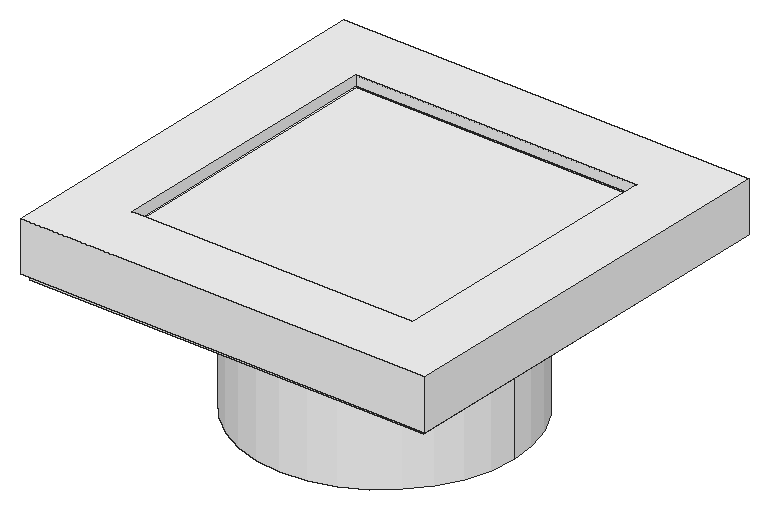
Revit family "Gira_0125005", category Electrical Fixtures, host Face, Revit 2017
Family settings
  Host = Face
  Maintain Annotation Orientation = Yes
  Round Connector Dimension = Use Diameter
  Part Type = Normal
  Cut with Voids When Loaded = No
  Shared = No
  Room Calculation Point = No
Parameters (values of type "PB sw. series sw. System 55 black m")
  White [instance] = White
  URL = "http://katalog.gira.de/en/datenblatt.html?artikelnr=0125005"
  Name = "PB sw. series sw. System 55 black m"
  Model = "Sys55_Komplettgerät_Schalten und Tasten"
  Manufacturer URL = "https://www.gira.de/"
  Manufacturer = "Gira"
  Label space/information surface = "No"
  HeinzeBIM = "https://bimportal.heinze.de/bim/pb-sw-series-sw-system-55-black-m/060bb6d6a651b0364b9c02798b3258384d980ec2"
  HAN = "0125005"
  GTIN = "4010337038016"
  Description = "PB sw.series Sys55 BKm,Pushbutton switch, 10 AX 250 V~ with rocker, 2-gang,Series switch,black matt,"
  Default Elevation = 1219.2 mm
  Data sheet (1) = "https://katalog.gira.de/en/download.html?artikelnr=0125005"
  Category = "Switch"
  BIM (1) = "https://media.stage.bim.site/public/gira/36a6b08/Sys55_Komplettgerät_Schalten und Tasten.rfa?public/gira/36a6b08/Sys55_Komplettgerät_Schalten und Tasten.rfa"
  Available = "No"
Reference planes
  plane 1 "Center (Front/Back)": y = 0
  plane 2: z = 0
  plane 3 "Center (Left/Right)": x = 0
Forms (mm)
  Extrusion 1, solid, material "White" <- "White", detail levels medium
    sketch origin (0, 0, 0) x (1, 0, 0) y (0, 1, 0)
      loop
        line (-40.4, 40.4) -> (-40.4, -40.4) -> (40.4, -40.4) -> (40.4, 40.4) -> (-40.4, 40.4)
      loop
        line (-28, 28) -> (-28, -28) -> (28, -28) -> (28, 28) -> (-28, 28)
    from 0 to 10
  Extrusion 2, solid, material "White" <- "White", detail levels fine
    sketch origin (0, 0, 0) x (1, 0, 0) y (0, 1, 0)
      loop
        line (-40.4, 40.4) -> (-40.4, -40.4) -> (40.4, -40.4) -> (40.4, 40.4) -> (-40.4, 40.4)
      loop
        line (-28, 28) -> (-28, -28) -> (28, -28) -> (28, 28) -> (-28, 28)
    from 0 to 10
  Extrusion 3, void
    sketch origin (0, 0, 0) x (1, 0, 0) y (0, 1, 0)
      loop
        line (-38.4, 38.4) -> (-38.4, -38.4) -> (38.4, -38.4) -> (38.4, 38.4) -> (-38.4, 38.4)
    from 0 to 8
  Extrusion 4, solid, material "White" <- "White", detail levels medium+fine
    sketch origin (0, 0, 0) x (1, 0, 0) y (0, 1, 0)
      loop
        line (-39.4, 39.4) -> (-39.4, -39.4) -> (39.4, -39.4) -> (39.4, 39.4) -> (-39.4, 39.4)
    from 0 to -1
  Extrusion 5, solid, material "White" <- "White", detail levels medium+fine
    sketch origin (0, 0, 0) x (1, 0, 0) y (0, 1, 0)
      loop
        line (-35.5, 35.5) -> (-35.5, -35.5) -> (35.5, -35.5) -> (35.5, 35.5) -> (-35.5, 35.5)
    from -2 to -3
  Extrusion 6, solid, material "White" <- "White", detail levels medium+fine
    sketch origin (0, 0, 0) x (1, 0, 0) y (0, 1, 0)
      loop
        circle (0, 0) r 26
    from 0 to -27.5
  Extrusion 7, solid, material "White" <- "White", detail levels coarse
    sketch origin (0, 0, 0) x (1, 0, 0) y (0, 1, 0)
      loop
        line (-40.4, 40.4) -> (-40.4, -40.4) -> (40.4, -40.4) -> (40.4, 40.4) -> (-40.4, 40.4)
    from -27.5 to 10
Cuts and joins
  Extrusion 3 cuts Extrusion 2
Dimensions and locks
  aligned and locked: plane 2 to host face
  aligned and locked: level to host face
  aligned and locked: plane 3 "Center (Left/Right)" to nested 2
  aligned and locked: plane 1 "Center (Front/Back)" to nested 2
Nested families
  nested 1: "Sys55_Abdeckung_Schalten und Tasten_floor_base" at (0, 0, 0), type "Sys55_Abdeckung_Schalten und Tasten_floor_base"
  nested 2: "Schalter" at (0, 0, 0), type "Schalter"
Connectors
  electrical at (0, 0, -27.5)
    settings: on Extrusion 6, index 1, voltage 220 V, apparent load 0 VA, apparent load phase1 0 VA, apparent load phase2 0 VA, apparent load phase3 0 VA, power factor 1, load classification "Other", number of poles 1, system type 30, power factor state 1, is connector primary yes, connector utility no, sub classification motor no, connector description ""
Definition of nested family "Sys55_Abdeckung_Schalten und Tasten_floor_base"
  Parameters
    Default Elevation = 1219.2 mm
    White [instance] = none
  Reference planes
    plane 1 "Center (Front/Back)": y = 0
    plane 2: z = 0
    plane 3 "Center (Left/Right)": x = 0
  Forms (mm)
    Extrusion 1, solid
      sketch origin (0, 0, 0) x (1, 0, 0) y (0, 1, 0)
        loop
          line (-1219.2, 1219.2) -> (-1219.2, -1219.2) -> (1219.2, -1219.2) -> (1219.2, 1219.2) -> (-1219.2, 1219.2)
      from 0 to -304.8
    Extrusion 2, solid, material <- "White", detail levels fine
      sketch origin (0, 0, 0) x (1, 0, 0) y (0, 1, 0)
        loop
          line (-27.5, 27.5) -> (-27.5, -27.5) -> (27.5, -27.5) -> (27.5, 27.5) -> (-27.5, 27.5)
      from 0 to 8
    Extrusion 3, void
      sketch origin (0, 0, 0) x (1, 0, 0) y (0, 1, 0)
        loop
          line (26, 26) -> (-26, 26) -> (-26, -26) -> (26, -26) -> (26, 26)
      from 0 to 6
    Extrusion 4, solid, material <- "White", detail levels medium
      sketch origin (0, 0, 0) x (1, 0, 0) y (0, 1, 0)
        loop
          line (-27.5, 27.5) -> (-27.5, -27.5) -> (27.5, -27.5) -> (27.5, 27.5) -> (-27.5, 27.5)
      from 0 to 8
    Extrusion 5, solid, material <- "White", detail levels medium
      sketch origin (0, 0, 0) x (1, 0, 0) y (0, 1, 0)
        loop
          line (11, -17.5) -> (11, 17.5) -> (-11, 17.5) -> (-11, -17.5) -> (11, -17.5)
      from -6 to 6
    Extrusion 6, solid, material <- "White", detail levels fine
      sketch origin (0, 0, 0) x (1, 0, 0) y (0, 1, 0)
        loop
          line (11, 17.5) -> (-11, 17.5) -> (-11, 16.5) -> (11, 16.5) -> (11, 17.5)
        loop
          line (-11, -16.5) -> (-11, -17.5) -> (11, -17.5) -> (11, -16.5) -> (-11, -16.5)
      from -4 to 6
    Extrusion 7, solid, material <- "White", detail levels fine
      sketch origin (0, 0, 0) x (1, 0, 0) y (0, 1, 0)
        loop
          arc (5, 9.347) -> (0, 10.6) -> (-5, 9.347) r 10.6
          line (-5, 9.347) -> (-5, -9.347)
          arc (-5, -9.347) -> (0, -10.6) -> (5, -9.347) r 10.6
          line (5, -9.347) -> (5, 9.347)
      from -6 to 6
    Extrusion 8, solid, material <- "White", detail levels coarse
      sketch origin (0, 0, 0) x (1, 0, 0) y (0, 1, 0)
        loop
          line (-27.5, 27.5) -> (-27.5, -27.5) -> (27.5, -27.5) -> (27.5, 27.5) -> (-27.5, 27.5)
      from -6 to 8
  Cuts and joins
    Extrusion 3 cuts Extrusion 2
  Dimensions and locks
    aligned and locked: plane 2 to Extrusion 1
    aligned and locked: level to Extrusion 1
Definition of nested family "Schalter"
  Reference planes
    plane 1: y = 0
    plane 2: x = 0
  Lines and regions (mm)
    detail lines
      curve 1: circle (1.375, 2.778, 0) r 0.8 normal (0, 0, 1)
      curve 2: line (1.021, 2.061, 0) -> (0, 0, 0)
      curve 3: line (0, 0, 0) -> (-0.538, 0.266, 0)
  Dimensions and locks
    curve 2 to curve 2 = 2.3 mm
    curve 3 to curve 2 = 0.6 mm
    radius of curve 1 = 0.8 mm
